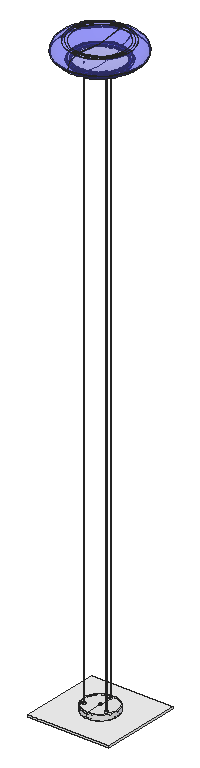
Revit family "BE_56545_de_DE", category Leuchten, Revit 2015
Parameters (values of type "BEGA_56545_K4")
  built-in parameter 1150104 = 12.254 (stored number, unit not read)
  Wattage = 11.9 W
  Default Elevation = 0 mm
  built-in parameter 1150113 = 1 (stored number, unit not read)
  built-in parameter 1114218 = 1 (stored number, unit not read)
  Umgebungstemperatur = ""
  URL = "http://www.bega.de/produkt/56545"
  Typenkommentare = "© 2017 BEGA. Wir behalten uns das Recht vor, technische Änderungen ohne vorherige Ankündigung vorzunehmen."  # constant formula
  built-in parameter 1150134 = 12
  built-in parameter 1150109 = 1 (stored number, unit not read)
  Strom = ""
  built-in parameter 1150110 = 1 (stored number, unit not read)
  Spannung = 239.996 V
  Sonderanfertigung = no
  Seriennummer [instance] = "Hier können Sie die eindeutige Seriennummer für das Facility Management eintragen."
  Schutzklasse = "I"
  Schutzart = "IP 20"
  Scheinlast = 0 VA
  Produktdatenblatt = "http://www.bega.de/download/Xrfa/db/56545.db.de.pdf"
  Oberflächentemperatur = ""
  Neigungswinkel = 0.00°
  Modell = "56545K4"
  Material_17 = BEGA_Reflektor
  Material_15 = BEGA_Leuchtmedium_matt
  Material_11 = BEGA_Glas_opal
  Material_09 = BEGA_Glas_klar
  Material_06 = BEGA_Oberfläche_Edelstahl_gebürstet
  Material_05 = BEGA_Oberfläche_Aluminium Guss
  Material_03 = BEGA_Oberfläche_Weiss_matt
  Material_02 = BEGA_Oberfläche_Silber_matt
  Material_01 [instance] = BEGA_Oberfläche_Grafit_matt
  M_W = no
  M_G = no
  M_A = no
  Logo = 0
  built-in parameter 1114217 = 1 (stored number, unit not read)
  built-in parameter 1150139 = (empty or 0)
  built-in parameter 1150105 = 379.4 (stored number, unit not read)
  built-in parameter 1150114 = 1 (stored number, unit not read)
  Lumens = 1569.61 lm
  built-in parameter 1150115 = 1 (stored number, unit not read)
  Leuchtenlichtstrom = "1225 lm"
  Leuchtenanzahl = ""
  Lebensdauerkriterien = "L70B50 @ 25 °C = 250000 h"
  Lastklassifizierung = Beleuchtung
  built-in parameter 1150112 = 1 (stored number, unit not read)
  Lampenlichtstrom = "1570 lm"
  Lampe = "LED 11.9 W"
  LED_Modulbezeichnung = "LED-0529/940"
  Hersteller = "BEGA"  # constant formula
  Halbstreuwinkel = ""
  Gewicht = "4.5 kg"
  Gebrauchslageneinschränkung [instance] = ""
  Frequenz = "0/50-60 Hz"
  Farbwiedergabeindex = "Ra > 90"
  Farbtemperaturverschiebung bei Dämpfen der Lampe = <Keine Auswahl>
  Farbtemperatur = "4000 K"
  Color Filter = 16777215
  built-in parameter 1150133 = 10 (stored number, unit not read)
  Energieeffizienzklasse = "LED A++ - A"
  built-in parameter 1150137 = (empty or 0)
  built-in parameter 1150132 = (empty or 0)
  ENEC = "ja"
  Dimmbar [instance] = ""
  Datei für fotometrisches Netz = "BE_56545K4.IES"
  CE_Konformität = "ja"
  Bestellnummer = "56545K4"
  Beschreibung_Sonderanfertigung = "Hier können Sie Informationen zur Sonderanfertigung eintragen."
  Beschreibung = "Pendelleuchte"
  built-in parameter 1150106 = 3.794 (stored number, unit not read)
  Befestigungsbohrung = ""
  Befestigungsabstand = ""
  Ballwurfsicher = ""
  BEGA_Intern_aus = yes
  BEGA_Intern_an = yes
  BEGA_Intern_Konstruktion = yes
  BEGA_Intern = yes
  BEGA_IES = yes
  BEGA_Dummy = no
  Anschlussleitung = ""
  Anschlussleistung [instance] = "13.6 W"
  Anschlusskasten = ""
  built-in parameter 1150107 = 4000 (stored number, unit not read)
  built-in parameter 1150102 = (empty or 0)
  built-in parameter 1150138 = (empty or 0)
  Aktualisierung = "2017-09-29T04:10:01"
  Abstand_zur_angestrahlten_Fläche [instance] = ""
  AC/DC = "AC/DC"
Types (2, lengths in mm): name | built-in parameter 1150104 | built-in parameter 1150134 | Modell | built-in parameter 1150105 | Lumens | Leuchtenlichtstrom | Lampenlichtstrom | LED_Modulbezeichnung | Farbtemperatur | Datei für fotometrisches Netz | Bestellnummer | built-in parameter 1150106 | built-in parameter 1150107
  BEGA_56545_K3 | 11.827 (stored number, unit not read) | (empty or 0) | "56545" | 120.55 (stored number, unit not read) | 1514.87 lm | "1182 lm" | "1515 lm" | "LED-0529/930" | "3000 K" | "BE_56545.IES" | "56545" | 1.2055 (stored number, unit not read) | 3000 (stored number, unit not read)
  BEGA_56545_K4 | 12.254 (stored number, unit not read) | 12 | "56545K4" | 379.4 (stored number, unit not read) | 1569.61 lm | "1225 lm" | "1570 lm" | "LED-0529/940" | "4000 K" | "BE_56545K4.IES" | "56545K4" | 3.794 (stored number, unit not read) | 4000 (stored number, unit not read)
Reference planes
  plane 1 "Mitte (Vorne/Hinten)": y = 0
  plane 2: z = 0
  plane 3 "Mitte (Links/Rechts)": x = 0
  plane 4 "Links": x = -200.061
  plane 5 "Rechts": x = 200.061
  plane 6 "Unten": y = -200
  plane 7 "Oben": y = 200
  plane 8 "Vorne": z = 3000
  plane 9 "Hinten": z = 0
Forms (mm)
  Extrusion 1, solid, material "BEGA_Platte_Weiss"
    sketch origin (0, -1119.2, 0) x (1, 0, 0) y (0, 1, 0)
      loop
        line (-200, 1319.2) -> (-200, 919.2) -> (200, 919.2) -> (200, 1319.2) -> (-200, 1319.2)
    from 0 to -10
  Extrusion 2, solid, material "BEGA_Dummy_matt", visible <- "BEGA_Dummy"
    sketch origin (77.149, -76.023, 0) x (1, 0, 0) y (0, 1, 0)
      loop
        circle (-77.149, 76.023) r 200
    from 0 to 3000
Dimensions and locks
  plane 1 "Mitte (Vorne/Hinten)" to Extrusion 1 = 200 mm
  aligned and locked: plane 2 to Extrusion 1
  aligned and locked: level to Extrusion 1
Nested families
  nested 1: "BE_56545_" at (0, 0, 0), type "BE_56545_"
Connectors
  electrical at (0, 0, 0), driven by "Lastklassifizierung", driven by "Spannung", driven by "Scheinlast"
    settings: index 1, voltage 239.996 V, apparent load 0 VA, apparent load phase1 0 VA, apparent load phase2 0 VA, apparent load phase3 0 VA, power factor 1, load classification "Beleuchtung", number of poles 1, system type 31, power factor state 1, is connector primary yes, connector utility no, sub classification motor no, connector description ""
Definition of nested family "BE_56545_"
  Parameters (values of type "BE_56545_")
    Default Elevation = 1 mm
    URL = "http://www.bega.de/de/produkt"
    Type Comments = "© 2015 BEGA. Wir behalten uns das Recht vor, technische Änderungen ohne vorherige Ankündigung vorzunehmen. "  # constant formula
    Type Image = (empty or 0)
    Neigungswinkel_um_Z2 = 0.00°
    Neigungswinkel_um_Z1 = 0.00°
    Neigungswinkel_um_Y2 = 0.00°
    Neigungswinkel_um_Y1 = 0.00°
    Neigungswinkel_um_X2 = 0.00°
    Neigungswinkel_um_X1 = 0.00°
    Material_17 = none
    Material_15 = none
    Material_11 = none
    Material_09 = none
    Material_06 = none
    Material_05 = none
    Material_03 = none
    Material_02 = none
    Material_01 = none
    M_W = yes
    M_G = yes
    M_A = yes
    Länge_Platte = 300 mm  # constant formula
    Höhe_Platte = -10 mm  # constant formula
    Manufacturer = "BEGA"  # constant formula
    Drehwinkel_um_Z2 = 0.00°
    Drehwinkel_um_Z1 = 0.00°
    Breite_Platte = 300 mm  # constant formula
  Reference planes
    plane 1 "Mitte (Oben/Unten)": y = 0
    plane 2: z = 0
    plane 3 "Mitte (Links/Rechts)": x = 0
    plane 4: y = 200
    plane 5: z = 3000
    plane 6: y = -200
    plane 7: x = -200.061
    plane 8: x = 200.061
  Forms (mm)
    Extrusion 1, solid, detail levels medium
      sketch origin (0, 0, 0) x (1, 0, 0) y (0, 1, 0)
        loop
          line (-150, 150) -> (-150, -150) -> (150, -150) -> (150, 150) -> (-150, 150)
      from 0 to -10 <- "Höhe_Platte"
    Revolve 2, solid, material <- "Material_03", detail levels medium+fine
      sketch origin (0, 0, 0) x (0, 1, 0) y (0, 0, 1)
        loop
          line (81, 3.5) -> (81, 20) -> (79.5, 20) -> (79.5, 3.5) -> (61.5, 3.5) -> (57.148, 7.151)
          arc (57.148, 7.151) -> (56.701, 7.409) -> (56.192, 7.5) r 1.5
          line (56.192, 7.5) -> (0, 7.5) -> (0, 6) -> (56.187, 6) -> (60.954, 2) -> (79.5, 2)
          arc (79.5, 2) -> (80.561, 2.439) -> (81, 3.5) r 1.5
        axis (0, 2) -> (0, 20)
      angle from 0 to 360
    Revolve 3, solid, material <- "Material_03", detail levels medium+fine
      sketch origin (0, 0, 0) x (0, 1, 0) y (0, 0, 1)
        loop
          line (77.088, 2.218) -> (70, 2.218) -> (70, 0) -> (75.1, 0)
          arc (75.1, 0) -> (76.589, 0.665) -> (77.088, 2.218) r 2
        axis (70, 0) -> (70, 2.218)
      angle from 0 to 360
    Revolve 4, solid, material <- "Material_03", detail levels medium+fine
      sketch origin (0, 0, 0) x (1, 0, 0) y (0, 0, 1)
        loop
          line (77.088, 2.218) -> (70, 2.218) -> (70, 0) -> (75.1, 0)
          arc (75.1, 0) -> (76.589, 0.665) -> (77.088, 2.218) r 2
        axis (70, 0) -> (70, 2.218)
      angle from 0 to 360
    Revolve 5, solid, material <- "Material_03", detail levels medium+fine
      sketch origin (0, 0, 0) x (-1, 0, 0) y (0, 0, 1)
        loop
          line (77.088, 2.218) -> (70, 2.218) -> (70, 0) -> (75.1, 0)
          arc (75.1, 0) -> (76.589, 0.665) -> (77.088, 2.218) r 2
        axis (70, 0) -> (70, 2.218)
      angle from 0 to 360
    Revolve 6, solid, material <- "Material_03", detail levels medium+fine
      sketch origin (0, 0, 0) x (0, -1, 0) y (0, 0, 1)
        loop
          line (77.088, 2.218) -> (70, 2.218) -> (70, 0) -> (75.1, 0)
          arc (75.1, 0) -> (76.589, 0.665) -> (77.088, 2.218) r 2
        axis (70, 0) -> (70, 2.218)
      angle from 0 to 360
    Revolve 7, solid, material <- "Material_03", detail levels medium+fine
      sketch origin (0, 0, 0) x (0, 1, 0) y (0, 0, 1)
        loop
          line (84, 3.1) -> (83.589, 26.633)
          arc (83.589, 26.633) -> (83.139, 27.672) -> (82.09, 28.1) r 1.5
          line (82.09, 28.1) -> (0, 28.1) -> (0, 26.6) -> (82.09, 26.6) -> (82.5, 3.1) -> (84, 3.1)
        axis (0, 3.1) -> (0, 28.1)
      angle from 0 to 360
    Extrusion 8, void
      sketch origin (0, 0, 0) x (1, 0, 0) y (0, 1, 0)
        loop
          circle (-70, 0) r 2.75
        loop
          circle (70, 0) r 2.75
        loop
          arc (-17, -24) -> (-25, -32) -> (-17, -40) r 8
          line (-17, -40) -> (17, -40)
          arc (17, -40) -> (25, -32) -> (17, -24) r 8
          line (17, -24) -> (-17, -24)
      from 0 to 9
    Revolve 9, solid, material <- "Material_11", detail levels medium+fine
      sketch origin (0, 0, 0) x (0, 1, 0) y (0, 0, 1)
        loop
          arc (150.537, 2999.117) -> (145.217, 2999.779) -> (139.861, 3000) r 65
          arc (139.861, 3000) -> (133.779, 2999.715) -> (127.751, 2998.862) r 65
          arc (127.751, 2998.862) -> (64.155, 2989.64) -> (0, 2985.969) r 740.25
          line (0, 2985.969) -> (0, 2981.969)
          arc (0, 2981.969) -> (64.53, 2985.658) -> (128.496, 2994.932) r 744.25
          arc (128.496, 2994.932) -> (139.177, 2995.996) -> (149.88, 2995.172) r 61
          spline (149.88, 2995.172) -> (157.303, 2993.588) -> (164.355, 2991.386) -> (170.919, 2988.608) -> (176.879, 2985.304) -> (182.146, 2981.548) -> (186.637, 2977.419) -> (190.28, 2972.996) -> (193.049, 2968.359) -> (194.93, 2963.584) -> (195.909, 2958.743) -> (195.989, 2953.881) -> (195.176, 2949.039)
          spline (195.176, 2949.039) -> (193.971, 2945.62) -> (192.029, 2942.125) -> (189.334, 2938.608) -> (185.881, 2935.124) -> (181.706, 2931.735) -> (176.859, 2928.501) -> (171.389, 2925.48) -> (165.368, 2922.717) -> (158.868, 2920.248) -> (151.965, 2918.112) -> (144.745, 2916.332) -> (137.292, 2914.934)
          line (137.292, 2914.934) -> (131.721, 2920.505)
          arc (131.721, 2920.505) -> (130.099, 2921.589) -> (128.186, 2921.969) r 5
          line (128.186, 2921.969) -> (118.6, 2921.969)
          arc (118.6, 2921.969) -> (115.064, 2920.505) -> (113.6, 2916.969) r 5
          line (113.6, 2916.969) -> (113.6, 2910.969) -> (116.6, 2910.969)
          arc (116.6, 2910.969) -> (117.307, 2911.262) -> (117.6, 2911.969) r 1
          line (117.6, 2911.969) -> (117.6, 2916.969)
          arc (117.6, 2916.969) -> (117.893, 2917.676) -> (118.6, 2917.969) r 1
          line (118.6, 2917.969) -> (127.772, 2917.969)
          arc (127.772, 2917.969) -> (128.537, 2917.817) -> (129.186, 2917.383) r 2
          line (129.186, 2917.383) -> (135.9, 2910.669)
          spline (135.9, 2910.669) -> (143.792, 2912.062) -> (151.456, 2913.864) -> (158.804, 2916.054) -> (165.756, 2918.608) -> (172.232, 2921.498) -> (178.162, 2924.691) -> (183.478, 2928.151) -> (188.12, 2931.84) -> (192.038, 2935.716) -> (195.187, 2939.736) -> (197.531, 2943.855) -> (199.046, 2948.028)
          spline (199.046, 2948.028) -> (199.976, 2953.583) -> (199.882, 2959.176) -> (198.765, 2964.719) -> (196.644, 2970.122) -> (193.552, 2975.301) -> (189.538, 2980.173) -> (184.665, 2984.661) -> (179.011, 2988.693) -> (172.667, 2992.206) -> (165.731, 2995.144) -> (158.316, 2997.46) -> (150.537, 2999.117)
        axis (0, 3000) -> (0, 2910.669)
      angle from 0 to 360
    Revolve 10, solid, material <- "Material_06", detail levels medium+fine
      sketch origin (0, 0, 0) x (0, 1, 0) y (0, 0, 1)
        loop
          line (64.6, 2897.418) -> (64.6, 36.1) -> (63, 36.1) -> (63, 30.1) -> (60.25, 30.1)
          arc (60.25, 30.1) -> (59.366, 29.734) -> (59, 28.85) r 1.25
          line (59, 28.85) -> (59, 27.4) -> (65, 27.4) -> (65, 2898.276) -> (64.6, 2897.418)
        axis (65, 27.4) -> (65, 2898.276)
      angle from 0 to 360
    Revolve 11, solid, material <- "Material_03", detail levels medium+fine
      sketch origin (0, 0, 0) x (0, 1, 0) y (0, 0, 1)
        loop
          line (131.342, 2913.142) -> (129.775, 2913.142) -> (123.081, 2905.164)
          arc (123.081, 2905.164) -> (121.844, 2904.108) -> (120.335, 2903.504) r 5
          spline (120.335, 2903.504) -> (111.96, 2901.767) -> (103.165, 2900.159) -> (93.984, 2898.685) -> (84.451, 2897.351) -> (74.601, 2896.162) -> (64.472, 2895.122) -> (54.101, 2894.236) -> (43.527, 2893.506) -> (32.789, 2892.935) -> (21.928, 2892.526) -> (10.985, 2892.28) -> (0, 2892.197)
          line (0, 2892.197) -> (0, 2890.998)
          spline (0, 2890.998) -> (11.005, 2891.08) -> (21.97, 2891.326) -> (32.852, 2891.737) -> (43.611, 2892.308) -> (54.207, 2893.04) -> (64.6, 2893.929) -> (74.752, 2894.971) -> (84.624, 2896.163) -> (94.179, 2897.501) -> (103.381, 2898.978) -> (112.197, 2900.591) -> (120.593, 2902.332)
          arc (120.593, 2902.332) -> (122.471, 2903.084) -> (124.007, 2904.401) r 6.2
          line (124.007, 2904.401) -> (131.342, 2913.142)
        axis (0, 2890.998) -> (0, 2913.142)
      angle from 0 to 360
    Revolve 12, solid, material <- "Material_03", detail levels medium+fine
      sketch origin (19.631, 0, 0) x (0, 1, 0) y (0, 0, 1)
        loop
          line (80.497, 2899.45) -> (78.997, 2899.45) -> (78.997, 2892.45) -> (80.497, 2892.45)
          arc (80.497, 2892.45) -> (81.381, 2892.817) -> (81.747, 2893.7) r 1.25
          line (81.747, 2893.7) -> (81.747, 2895.45) -> (79.997, 2895.45) -> (79.997, 2896.45) -> (81.747, 2896.45) -> (81.747, 2898.2)
          arc (81.747, 2898.2) -> (81.381, 2899.084) -> (80.497, 2899.45) r 1.25
        axis (75.997, 2899.45) -> (75.997, 2892.45)
      angle from 0 to 360
    Revolve 13, solid, material <- "Material_03", detail levels medium+fine
      sketch origin (0, 0, 0) x (0, 1, 0) y (0, 0, 1)
        loop
          line (6, 30.6) -> (4.1, 30.6)
          arc (4.1, 30.6) -> (3.746, 30.454) -> (3.6, 30.1) r 0.5
          line (3.6, 30.1) -> (3.6, 23.2) -> (4.6, 23.2) -> (5.1, 28.1) -> (6.5, 28.1) -> (6.5, 30.1)
          arc (6.5, 30.1) -> (6.354, 30.454) -> (6, 30.6) r 0.5
        axis (0, 30.6) -> (0, 23.2)
      angle from 0 to 360
    Revolve 14, solid, material <- "Material_06", detail levels medium+fine
      sketch origin (0, 0, 0) x (0.866025, -0.5, 0) y (0, 0, 1)
        loop
          line (64.6, 2897.418) -> (64.6, 36.1) -> (63, 36.1) -> (63, 30.1) -> (60.25, 30.1)
          arc (60.25, 30.1) -> (59.366, 29.734) -> (59, 28.85) r 1.25
          line (59, 28.85) -> (59, 27.4) -> (65, 27.4) -> (65, 2898.276) -> (64.6, 2897.418)
        axis (65, 27.4) -> (65, 2898.276)
      angle from 0 to 360
    Revolve 15, solid, material <- "Material_06", detail levels medium+fine
      sketch origin (0, 0, 0) x (-0.866025, -0.5, 0) y (0, 0, 1)
        loop
          line (64.6, 2897.418) -> (64.6, 36.1) -> (63, 36.1) -> (63, 30.1) -> (60.25, 30.1)
          arc (60.25, 30.1) -> (59.366, 29.734) -> (59, 28.85) r 1.25
          line (59, 28.85) -> (59, 27.4) -> (65, 27.4) -> (65, 2898.276) -> (64.6, 2897.418)
        axis (65, 27.4) -> (65, 2898.276)
      angle from 0 to 360
  Cuts and joins
    Extrusion 8 cuts Revolve 2
    Extrusion 8 cuts Revolve 3
    Extrusion 8 cuts Revolve 4
    Extrusion 8 cuts Revolve 5
    Extrusion 8 cuts Revolve 6
    joined: Revolve 2, Revolve 3, Revolve 4, Revolve 5, Revolve 6, Revolve 7, Revolve 11, Revolve 12, Revolve 13
    joined: Revolve 10, Revolve 14, Revolve 15
  Dimensions and locks
    equal spacing: Extrusion 1 sketch curve, plane 3 "Mitte (Links/Rechts)", Extrusion 1 sketch curve
    equal spacing: Extrusion 1 sketch curve, plane 1 "Mitte (Oben/Unten)", Extrusion 1 sketch curve
    "Länge_Platte": Extrusion 1 sketch curve to Extrusion 1 sketch curve
    "Breite_Platte": Extrusion 1 sketch curve to Extrusion 1 sketch curve
    aligned and locked: plane 2 to Extrusion 1
    aligned and locked: level to Extrusion 1
  Automatic sketch dimensions
    Revolve 2 sketch curve to Revolve 2 sketch curve = 56.187 mm
    Revolve 2 sketch curve to Revolve 2 sketch curve = 0 mm  (x10)
    Revolve 2 sketch curve to Revolve 2 sketch curve = 0.005 mm
    Revolve 2 sketch curve to Revolve 2 sketch curve = 0.956 mm
    Revolve 2 sketch curve to Revolve 2 sketch curve = 4.767 mm
    Revolve 2 sketch curve to Revolve 2 sketch curve = 0.546 mm
    Revolve 2 sketch curve to Revolve 2 sketch curve = 18 mm
    level to Revolve 2 sketch curve = 2 mm
    Revolve 2 sketch curve to Revolve 2 sketch curve = 1.5 mm  (x3)
    Revolve 2 sketch curve to Revolve 2 sketch curve = 2.5 mm
    Revolve 2 sketch curve to Revolve 2 sketch curve = 1.151 mm
    Revolve 2 sketch curve to Revolve 2 sketch curve = 4.522 mm
    Revolve 2 sketch curve to Revolve 2 sketch curve = 16.5 mm
    Revolve 3 sketch curve to Revolve 3 sketch curve = 5.1 mm
    Revolve 3 sketch curve to Revolve 3 sketch curve = 1.988 mm
    Revolve 3 sketch curve to Revolve 3 sketch curve = 0 mm  (x2)
    Revolve 3 sketch curve to Revolve 3 sketch curve = 0.219 mm
    Revolve 3 sketch curve to Revolve 3 sketch curve = 2 mm
    Revolve 4 sketch curve to Revolve 4 sketch curve = 5.1 mm
    Revolve 4 sketch curve to Revolve 4 sketch curve = 1.988 mm
    Revolve 4 sketch curve to Revolve 4 sketch curve = 0 mm  (x2)
    Revolve 4 sketch curve to Revolve 4 sketch curve = 0.219 mm
    Revolve 4 sketch curve to Revolve 4 sketch curve = 2 mm
    Revolve 5 sketch curve to Revolve 5 sketch curve = 5.1 mm
    Revolve 5 sketch curve to Revolve 5 sketch curve = 1.988 mm
    Revolve 5 sketch curve to Revolve 5 sketch curve = 0 mm  (x2)
    Revolve 5 sketch curve to Revolve 5 sketch curve = 0.219 mm
    Revolve 5 sketch curve to Revolve 5 sketch curve = 2 mm
    Revolve 6 sketch curve to Revolve 6 sketch curve = 5.1 mm
    Revolve 6 sketch curve to Revolve 6 sketch curve = 1.988 mm
    Revolve 6 sketch curve to Revolve 6 sketch curve = 0 mm  (x2)
    Revolve 6 sketch curve to Revolve 6 sketch curve = 0.219 mm
    Revolve 6 sketch curve to Revolve 6 sketch curve = 2 mm
    Revolve 3 sketch curve to level = 0 mm
    Revolve 4 sketch curve to level = 0 mm
    Revolve 5 sketch curve to level = 0 mm
    Revolve 6 sketch curve to level = 0 mm
    Revolve 7 sketch curve to Revolve 7 sketch curve = 82.09 mm
    Revolve 7 sketch curve to Revolve 7 sketch curve = 0 mm  (x5)
    Revolve 7 sketch curve to Revolve 7 sketch curve = 0.41 mm
    Revolve 7 sketch curve to Revolve 7 sketch curve = 1.5 mm  (x3)
    level to Revolve 7 sketch curve = 3.1 mm
    Revolve 7 sketch curve to Revolve 7 sketch curve = 23.5 mm
    Revolve 7 sketch curve to Revolve 7 sketch curve = 0.033 mm
    Revolve 7 sketch curve to Revolve 7 sketch curve = 5.4 mm
    Revolve 7 sketch curve to Revolve 7 sketch curve = 8.1 mm
    Revolve 9 sketch curve to Revolve 9 sketch curve = 45.296 mm
    Revolve 9 sketch curve to Revolve 9 sketch curve = 55.314 mm
    Revolve 9 sketch curve to Revolve 9 sketch curve = 0 mm  (x23)
    level to Revolve 9 sketch curve = 2910.669 mm
    Revolve 9 sketch curve to Revolve 9 sketch curve = 3.961 mm
    Revolve 9 sketch curve to Revolve 9 sketch curve = 7.714 mm
    Revolve 9 sketch curve to Revolve 9 sketch curve = 0.414 mm  (x2)
    Revolve 9 sketch curve to Revolve 9 sketch curve = 9.172 mm
    Revolve 9 sketch curve to Revolve 9 sketch curve = 1 mm  (x4)
    Revolve 9 sketch curve to Revolve 9 sketch curve = 4 mm  (x2)
    Revolve 9 sketch curve to Revolve 9 sketch curve = 113.6 mm
    Revolve 9 sketch curve to Revolve 9 sketch curve = 0.3 mm
    Revolve 9 sketch curve to Revolve 9 sketch curve = 5.3 mm
    Revolve 9 sketch curve to Revolve 9 sketch curve = 5 mm
    Revolve 9 sketch curve to Revolve 9 sketch curve = 17.031 mm
    Revolve 9 sketch curve to Revolve 9 sketch curve = 740.18 mm
    Revolve 9 sketch curve to Revolve 9 sketch curve = 3.87 mm
    Revolve 9 sketch curve to Revolve 9 sketch curve = 0.657 mm
    Revolve 9 sketch curve to Revolve 9 sketch curve = 10.677 mm
    Revolve 9 sketch curve to Revolve 9 sketch curve = 1.392 mm
    level to Revolve 9 sketch curve = 2914.934 mm
    Revolve 9 sketch curve to Revolve 9 sketch curve = 4.399 mm
    Revolve 9 sketch curve to Revolve 9 sketch curve = 3.536 mm  (x2)
    level to Revolve 9 sketch curve = 2920.505 mm
    level to Revolve 9 sketch curve = 2917.383 mm
    Revolve 9 sketch curve to Revolve 9 sketch curve = 11.365 mm
    Revolve 9 sketch curve to Revolve 9 sketch curve = 0.745 mm
    Revolve 9 sketch curve to Revolve 9 sketch curve = 12.143 mm
    Revolve 9 sketch curve to Revolve 9 sketch curve = 52.456 mm
    Revolve 9 sketch curve to Revolve 9 sketch curve = 23.9 mm
    Revolve 9 sketch curve to Revolve 9 sketch curve = 14.051 mm
    Revolve 10 sketch curve to Revolve 10 sketch curve = 1.25 mm
    Revolve 10 sketch curve to Revolve 10 sketch curve = 2.75 mm
    Revolve 10 sketch curve to Revolve 10 sketch curve = 1.6 mm
    Revolve 10 sketch curve to Revolve 10 sketch curve = 0.4 mm
    Revolve 10 sketch curve to Revolve 10 sketch curve = 1.45 mm
    Revolve 10 sketch curve to Revolve 10 sketch curve = 6 mm
    Revolve 10 sketch curve to Revolve 10 sketch curve = 0.858 mm
    Revolve 10 sketch curve to Revolve 10 sketch curve = 0 mm  (x2)
    Revolve 10 sketch curve to Revolve 10 sketch curve = 2861.318 mm
    Revolve 10 sketch curve to Revolve 10 sketch curve = 32.512 mm
    level to Revolve 11 sketch curve = 2890.998 mm
    level to Revolve 11 sketch curve = 2908.387 mm
    Revolve 11 sketch curve to Revolve 11 sketch curve = 119.258 mm
    Revolve 11 sketch curve to Revolve 11 sketch curve = 0 mm  (x5)
    Revolve 11 sketch curve to Revolve 11 sketch curve = 10.517 mm
    Revolve 11 sketch curve to Revolve 11 sketch curve = 1.566 mm
    Revolve 11 sketch curve to Revolve 11 sketch curve = 1.2 mm
    Revolve 11 sketch curve to Revolve 11 sketch curve = 4.755 mm
    Revolve 11 sketch curve to Revolve 11 sketch curve = 0.152 mm
    Revolve 11 sketch curve to Revolve 11 sketch curve = 0.103 mm
    Revolve 11 sketch curve to Revolve 11 sketch curve = 0.175 mm
    Revolve 11 sketch curve to Revolve 11 sketch curve = 1.077 mm
    Revolve 11 sketch curve to Revolve 11 sketch curve = 0.258 mm
    Revolve 11 sketch curve to Revolve 11 sketch curve = 2.746 mm
    level to Revolve 11 sketch curve = 2905.164 mm
    Revolve 11 sketch curve to Revolve 11 sketch curve = 0.927 mm
    level to Revolve 11 sketch curve = 2904.401 mm
    Revolve 11 sketch curve to Revolve 11 sketch curve = 5.524 mm
    Revolve 11 sketch curve to Revolve 11 sketch curve = 1.172 mm
    level to Revolve 12 sketch curve = 2896.45 mm
    level to Revolve 12 sketch curve = 2893.7 mm
    Revolve 12 sketch curve to Revolve 12 sketch curve = 0 mm
    Revolve 12 sketch curve to Revolve 12 sketch curve = 1.25 mm  (x2)
    Revolve 12 sketch curve to Revolve 12 sketch curve = 1.75 mm  (x2)
    Revolve 12 sketch curve to Revolve 12 sketch curve = 1.5 mm
    Revolve 12 sketch curve to Revolve 12 sketch curve = 1 mm
    Revolve 12 sketch curve to Revolve 12 sketch curve = 3 mm
    Revolve 12 sketch curve to Revolve 12 sketch curve = 2 mm  (x2)
    Revolve 13 sketch curve to Revolve 13 sketch curve = 0.5 mm  (x2)
    Revolve 13 sketch curve to Revolve 13 sketch curve = 1.9 mm
    level to Revolve 13 sketch curve = 23.2 mm
    Revolve 13 sketch curve to Revolve 13 sketch curve = 6.9 mm
    Revolve 13 sketch curve to Revolve 13 sketch curve = 1 mm
    Revolve 13 sketch curve to Revolve 13 sketch curve = 1.4 mm
    Revolve 13 sketch curve to Revolve 13 sketch curve = 2 mm  (x2)
    Revolve 13 sketch curve to Revolve 13 sketch curve = 3.6 mm
    Revolve 13 sketch curve to Revolve 13 sketch curve = 2.5 mm
    plane 1 "Mitte (Oben/Unten)" to Extrusion 8 sketch curve = 0 mm  (x2)
    Extrusion 8 sketch curve to plane 3 "Mitte (Links/Rechts)" = 17 mm
    plane 1 "Mitte (Oben/Unten)" to Extrusion 8 sketch curve = 24 mm
    Extrusion 8 sketch curve to Extrusion 8 sketch curve = 8 mm
    plane 3 "Mitte (Links/Rechts)" to Extrusion 8 sketch curve = 17 mm
    Revolve 9 sketch curve to Revolve 9 sketch curve = 14.039 mm
    Revolve 9 sketch curve to Revolve 9 sketch curve = 65 mm
    Revolve 9 sketch curve to Revolve 9 sketch curve = 4.828 mm
    Revolve 9 sketch curve to Revolve 9 sketch curve = 39.859 mm
    Revolve 9 sketch curve to Revolve 9 sketch curve = 11 mm
    Revolve 3 sketch curve to plane 1 "Mitte (Oben/Unten)" = 70 mm
    Revolve 2 sketch curve to plane 1 "Mitte (Oben/Unten)" = 0 mm
    plane 1 "Mitte (Oben/Unten)" to Revolve 6 sketch curve = 70 mm
    Revolve 7 sketch curve to plane 1 "Mitte (Oben/Unten)" = 0 mm
    Revolve 9 sketch curve to plane 1 "Mitte (Oben/Unten)" = 0 mm
    plane 1 "Mitte (Oben/Unten)" to Revolve 9 sketch curve = 10.173 mm
    Revolve 11 sketch curve to plane 1 "Mitte (Oben/Unten)" = 0 mm
    Revolve 11 sketch curve to Revolve 11 sketch curve = 179.69 mm
    Revolve 12 sketch curve to plane 1 "Mitte (Oben/Unten)" = 78.997 mm
    Revolve 13 sketch curve to plane 1 "Mitte (Oben/Unten)" = 0 mm
    Revolve 5 sketch curve to plane 3 "Mitte (Links/Rechts)" = 70 mm
    Extrusion 8 sketch curve to Extrusion 8 sketch curve = 53 mm  (x2)
    plane 3 "Mitte (Links/Rechts)" to Revolve 4 sketch curve = 70 mm
    Revolve 14 sketch curve to Revolve 14 sketch curve = 1.25 mm
    Revolve 14 sketch curve to Revolve 14 sketch curve = 2.75 mm
    Revolve 14 sketch curve to Revolve 14 sketch curve = 1.6 mm
    Revolve 14 sketch curve to Revolve 14 sketch curve = 0.4 mm
    Revolve 14 sketch curve to Revolve 14 sketch curve = 1.45 mm
    Revolve 14 sketch curve to Revolve 14 sketch curve = 6 mm
    Revolve 14 sketch curve to Revolve 14 sketch curve = 0.858 mm
    Revolve 14 sketch curve to Revolve 14 sketch curve = 0 mm  (x2)
    Revolve 14 sketch curve to Revolve 14 sketch curve = 2861.318 mm
    Revolve 14 sketch curve to Revolve 14 sketch curve = 32.512 mm
    Revolve 15 sketch curve to Revolve 15 sketch curve = 1.25 mm
    Revolve 15 sketch curve to Revolve 15 sketch curve = 2.75 mm
    Revolve 15 sketch curve to Revolve 15 sketch curve = 1.6 mm
    Revolve 15 sketch curve to Revolve 15 sketch curve = 0.4 mm
    Revolve 15 sketch curve to Revolve 15 sketch curve = 1.45 mm
    Revolve 15 sketch curve to Revolve 15 sketch curve = 6 mm
    Revolve 15 sketch curve to Revolve 15 sketch curve = 0.858 mm
    Revolve 15 sketch curve to Revolve 15 sketch curve = 0 mm  (x2)
    Revolve 15 sketch curve to Revolve 15 sketch curve = 2861.318 mm
    Revolve 15 sketch curve to Revolve 15 sketch curve = 32.512 mm
    level to Revolve 10 sketch curve = 27.4 mm
    Revolve 10 sketch curve to plane 1 "Mitte (Oben/Unten)" = 59 mm
    level to Revolve 14 sketch curve = 27.4 mm
    level to Revolve 15 sketch curve = 27.4 mm
    radius of Extrusion 8 sketch curve = 2.75 mm  (x2)
